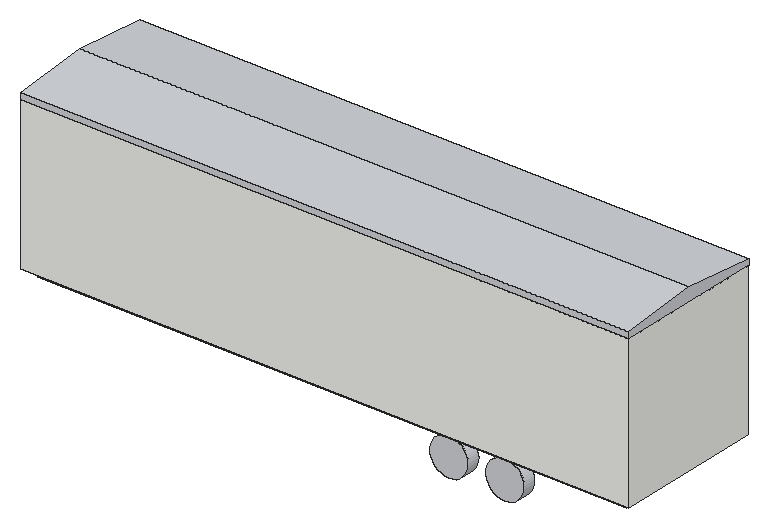
Revit family
Parameters (values of type "9800 x 2400mm")
  Length = 9800 mm
  Width = 2400 mm
Types (3, lengths in mm): name | Length
  (no name) | 9800
  9800 x 2400mm | 9800
  12000 x 2400mm | 12000
Reference planes
  plane 1 "Center (Front/Back)": y = 0
  plane 2: z = 0
  plane 3 "Center (Left/Right)": x = 0
  plane 4: y = 1200
  plane 5: y = -1200
  plane 6: x = -4900
  plane 7: x = 4900
  plane 8: z = 762
  plane 9: z = 3200.4
  plane 10: x = 2722.164
  plane 11: x = 1807.764
  plane 12: z = 3302
Forms (mm)
  Extrusion 1, solid, material "Finish - White"
    sketch origin (0, 0, 0) x (1, 0, 0) y (0, 1, 0)
      loop
        line (-4900, 1200) -> (-4900, -1200) -> (4900, -1200) -> (4900, 1200) -> (-4900, 1200)
    from 762 to 3200.4
  Extrusion 2, solid
    sketch origin (-4900, -1200, 3200.4) x (0, 0, -1) y (1, 0, 0)
      loop
        circle (2899.876, 6707.764) r 304.8
    from -451.264 to -244.328
  Extrusion 3, solid
    sketch origin (-3962.4, -1219.2, 3200.4) x (0, 0, -1) y (1, 0, 0)
      loop
        circle (2899.876, 6684.564) r 304.8
    from -451.264 to -244.328
  Extrusion 4, solid
    sketch origin (-4876.8, 1219.2, 3200.4) x (0, 0, -1) y (-1, 0, 0)
      loop
        circle (2899.876, -6684.564) r 304.8
    from -451.264 to -244.277
  Extrusion 5, solid
    sketch origin (-3962.4, 1219.2, 3200.4) x (0, 0, -1) y (-1, 0, 0)
      loop
        circle (2899.876, -6684.564) r 304.8
    from -451.264 to -244.328
  Extrusion 6, solid
    sketch origin (0, 0, 0) x (1, 0, 0) y (0, 1, 0)
      loop
        line (-4747.6, -1047.6) -> (4747.6, -1047.6) -> (4747.6, 1047.6) -> (-4747.6, 1047.6) -> (-4747.6, -1047.6)
    from 640.364 to 762
  Extrusion 7, solid
    sketch origin (-4900, 1200, 3200.4) x (0, 0, -1) y (0, -1, 0)
      loop
        line (0, 0) -> (0, 2400) -> (-101.6, 2400) -> (-215.659, 1200) -> (-101.6, 0) -> (0, 0)
    from -9800 to 0
Lines and regions (mm)
  Split face 1
    outline origin (-4900, -1200, 3200.4) x (0, 0, -1) y (1, 0, 0)
      loop
        line (2420.398, 7411.347) -> (2420.398, 8173.347) -> (388.398, 8173.347) -> (388.398, 7411.347) -> (2420.398, 7411.347)
  Split face 2
    outline origin (-4900, -1200, 3200.4) x (0, 0, -1) y (1, 0, 0)
      loop
        line (388.398, 5612.532) -> (1302.798, 5612.532) -> (1302.798, 6679.332) -> (388.398, 6679.332) -> (388.398, 5612.532)
  Split face 3
    outline origin (-4900, -1200, 3200.4) x (0, 0, -1) y (1, 0, 0)
      loop
        line (433.499, 5652.239) -> (1271.699, 5652.239) -> (1271.699, 6642.839) -> (433.499, 6642.839) -> (433.499, 5652.239)
  Split face 4
    outline origin (-7924.8, -1219.2, 3200.4) x (0, 0, -1) y (1, 0, 0)
      loop
        line (388.398, 5589.332) -> (1302.798, 5589.332) -> (1302.798, 6656.132) -> (388.398, 6656.132) -> (388.398, 5589.332)
  Split face 5
    outline origin (-7924.8, -1219.2, 3200.4) x (0, 0, -1) y (1, 0, 0)
      loop
        line (433.499, 5629.039) -> (1271.699, 5629.039) -> (1271.699, 6619.639) -> (433.499, 6619.639) -> (433.499, 5629.039)
  Split face 6
    outline origin (4900, -1200, 3200.4) x (0, 0, -1) y (0, 1, 0)
      loop
        line (387.624, 609.6) -> (1302.024, 609.6) -> (1302.024, 1790.4) -> (387.624, 1790.4) -> (387.624, 609.6)
  Split face 7
    outline origin (4900, -1200, 3200.4) x (0, 0, -1) y (0, 1, 0)
      loop
        line (424.527, 646.7) -> (1262.727, 646.7) -> (1262.727, 1751.3) -> (424.527, 1751.3) -> (424.527, 646.7)
  Split face 8
    outline origin (-11150.6, -1219.2, 3200.4) x (0, 0, -1) y (1, 0, 0)
      loop
        line (2420.398, 7388.147) -> (2420.398, 8150.147) -> (388.398, 8150.147) -> (388.398, 7388.147) -> (2420.398, 7388.147)
Dimensions and locks
  equal spacing: plane 5, plane 1 "Center (Front/Back)", plane 4
  "Width": plane 5 to plane 4
  equal spacing: plane 6, plane 3 "Center (Left/Right)", plane 7
  "Length": plane 6 to plane 7
  locked: plane 9 to plane 12 at 101.6
  aligned and locked: plane 6 to Extrusion 1 sketch curve
  aligned and locked: plane 4 to Extrusion 1 sketch curve
  aligned and locked: plane 5 to Extrusion 1 sketch curve
  aligned and locked: plane 7 to Extrusion 1 sketch curve
  aligned and locked: Extrusion 6 to plane 8
  aligned and locked: Extrusion 7 to plane 7
  aligned and locked: Extrusion 7 to plane 6
Automatic sketch dimensions
  Extrusion 2 sketch curve to plane 11 = 0 mm
  plane 8 to Extrusion 2 sketch curve = 156.676 mm
  level to Extrusion 2 sketch curve = 300.524 mm
  Extrusion 3 sketch curve to plane 11 = 914.4 mm
  plane 8 to Extrusion 3 sketch curve = 156.676 mm
  level to Extrusion 3 sketch curve = 300.524 mm
  Extrusion 4 sketch curve to plane 11 = 0 mm
  plane 8 to Extrusion 4 sketch curve = 156.676 mm
  level to Extrusion 4 sketch curve = 300.524 mm
  Extrusion 5 sketch curve to plane 10 = 0 mm
  plane 8 to Extrusion 5 sketch curve = 156.676 mm
  level to Extrusion 5 sketch curve = 300.524 mm
  plane 6 to Extrusion 6 sketch curve = 152.4 mm
  plane 7 to Extrusion 6 sketch curve = 152.4 mm
  Extrusion 6 sketch curve to plane 5 = 152.4 mm
  plane 4 to Extrusion 6 sketch curve = 152.4 mm
  Split face 1 sketch curve to Extrusion 1 = 388.398 mm
  Split face 1 sketch curve to Extrusion 1 = 18.002 mm
  Split face 1 sketch curve to Extrusion 1 = 2388.653 mm
  Split face 1 sketch curve to Split face 1 sketch curve = 762 mm
  Split face 2 sketch curve to Extrusion 1 = 388.398 mm
  Split face 2 sketch curve to Split face 2 sketch curve = 914.4 mm
  Split face 2 sketch curve to Extrusion 1 = 4187.468 mm
  Split face 2 sketch curve to Split face 2 sketch curve = 1066.8 mm
  Split face 3 sketch curve to Extrusion 1 = 433.499 mm
  Split face 3 sketch curve to Split face 3 sketch curve = 838.2 mm
  Split face 3 sketch curve to Extrusion 1 = 4147.761 mm
  Split face 3 sketch curve to Split face 3 sketch curve = 990.6 mm
  Split face 4 sketch curve to Split face 4 sketch curve = 914.4 mm
  Split face 4 sketch curve to Split face 4 sketch curve = 1066.8 mm
  Split face 5 sketch curve to Split face 5 sketch curve = 838.2 mm
  Split face 5 sketch curve to Split face 5 sketch curve = 990.6 mm
  Split face 4 sketch curve to Extrusion 1 = 388.398 mm
  Split face 4 sketch curve to Extrusion 1 = 7235.468 mm
  Split face 5 sketch curve to Extrusion 1 = 433.499 mm
  Split face 5 sketch curve to Extrusion 1 = 7195.761 mm
  Split face 6 sketch curve to Extrusion 1 = 387.624 mm
  Split face 6 sketch curve to Split face 6 sketch curve = 914.4 mm
  Split face 6 sketch curve to Extrusion 1 = 609.6 mm  (x2)
  Split face 7 sketch curve to Extrusion 1 = 424.527 mm
  Split face 7 sketch curve to Split face 7 sketch curve = 838.2 mm
  Split face 7 sketch curve to Extrusion 1 = 646.7 mm
  Split face 7 sketch curve to Extrusion 1 = 648.7 mm
  Extrusion 7 sketch curve to plane 1 "Center (Front/Back)" = 0 mm
  Extrusion 7 sketch curve to plane 4 = 0 mm
  Extrusion 7 sketch curve to plane 12 = 0 mm  (x2)
  Extrusion 7 sketch curve to plane 5 = 0 mm
  Extrusion 7 sketch curve to plane 9 = 0 mm
  Extrusion 7 sketch curve to plane 12 = 114.059 mm
  Split face 8 sketch curve to Split face 8 sketch curve = 762 mm
  Split face 8 sketch curve to Extrusion 1 = 388.398 mm
  Split face 8 sketch curve to Extrusion 1 = 18.002 mm
  Split face 8 sketch curve to Extrusion 1 = 8662.453 mm
